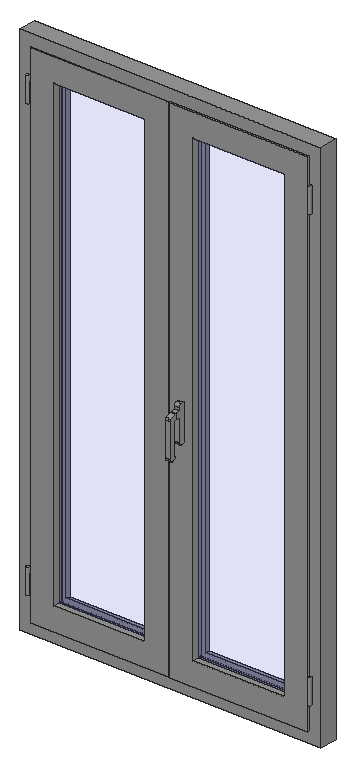
Revit family "2014_Ventana_Balconera-Practicable-2-Hojas_Alugom_Serie-ALG-75-Máxima", category Ventanas, Revit 2014
Parameters (values of type "Ventana 2 Hojas Balconeras 1230x2200 mm")
  URL Poliamida – Catálogo = "http://www.technoform.com/fileadmin/Technoform_Bautec/standardprofiles.html"
  URL Poliamida = "http://www.technoform.es/"
  PERFILES_16088H-Acople Inversora alg 75_Vertical = 1
  Configuración de poliamidas = "Poliamidas P66 GF25Technoform Bautec de la serie Standar. Referencias: 429300, 268400, 425100, 380000 "  # constant formula
  Apertura Balconera [instance] = yes
  Uniclass 2.0 Descripción = "Door and window systems"  # constant formula
  Uniclass 2.0 Código = "25-30"  # constant formula
  URL Producto = "http://www.alugom.com/Catalogo/tabid/336/ProdID/31/Language/es-ES/CatID/2/ventana_practicable_de_camara_europea_de_75_mm_con_RPT.aspx"
  URL = "http://www.alugom.com/"
  UNSPSC Código = "Windows"  # constant formula
  UNSPSC Categoría = "30171600"  # constant formula
  Transmitancia térmica** = "1.3 W(m²K)"  # constant formula
  Teléfono de Contacto = "+34 91 616 47 27"  # constant formula
  Sección de Marco = 75.00 mm  # constant formula
  Sección de Hoja = 82.00 mm  # constant formula
  Resistencia al viento* = "CLASE C5"  # constant formula
  Poliamida = Poliamida, Technoform Bautec, PA66 GF 25
  Peso máxima por hoja [instance] = "120 Kg"
  Permeabilidad al aire* = "CLASE 4"  # constant formula
  PERFILES_Junquillo 22mm_Vertical = 4
  PERFILES_Junquillo 22mm_Horizontal = 4
  PERFILES_8428-Vierteaguas_Horizontal = 2
  PERFILES_8412-Pletina falleba_Vertical = 0
  PERFILES_16---H-Cerco balconera alg 75_Vertical = 2
  PERFILES_16---H-Cerco balconera alg 75_Horizontal = 2
  PERFILES_16---H-Hoja balconera alg 75_Vertical = 4
  PERFILES_16---H-Hoja balconera alg 75_Horizontal = 4
  Omniclass Título = "Casment Window"  # constant formula
  Omniclass Código = "23.30.20.17.21.21"  # constant formula
  Modelo = "Serie ALG 75 MAXIMA"  # constant formula
  Masterformat Descripción = "Aluminium Windows"  # constant formula
  Masterformat Código = "08 51 13"  # constant formula
  Marco = Aluminio
  Manija [instance] = yes
  Línea Proyección = (Anchura Real - (2 * 39.25 mm)) / 2  # 575.75 mm
  IFC Clasificación = ""
  Grosor Acristalamiento Control = if(Grosor Acristalamiento < 26.50 mm, 26.50 mm, if(Grosor Acristalamiento > 60.50 mm, 60.50 mm, Grosor Acristalamiento))  # 39.00 mm
  Grosor Acristalamiento = 39.00 mm
  Fecha Revisión de Contenido = "21/10/2015"  # constant formula
  Fecha de Caducidad de la Información = "01/01/2016"  # constant formula
  Fabricante = "Grupo ALUGOM"  # constant formula
  Estanqueidad al aire* = "CLASE E1650"  # constant formula
  Email de Contacto = "alugom@alugom.com"  # constant formula
  Detalle Perfileria 16---H Cerco + 16---H Hoja + 16088H Acople [instance] = yes
  Desfase Interior Real [instance] = Desfase Interior + 75.00 mm  # 75.00 mm
  Desfase Interior [instance] = 0.00 mm
  Descripción = "Ventana 2 hojas balconeras con rotura de puente térmico"  # constant formula
  Creado por = "Bimetica Parametric Design Services S.L."  # constant formula
  Comentarios de tipo = "UNA VENTANA TOP CON LA EFICIENCIA ENERGETICA DEL FUTURO\r\nCon la nueva ALG 75 MAXIMA y su valor medio Uf de 1,26 W/m2K el ahorro en calefacción está asegurado. Este sistema de carpintería posee una eficiencia energética mayor que muchas ventanas de PVC o madera, satisfaciendo los requisitos mas exigentes en aislamiento térmico. Y todo ello, sin renunciar a las ventajas de resistencia, durabilidad, elegancia y posibilidades de diseño del aluminio. Estos increíbles valores de aislamiento térmico se consiguen mediante las poliamidas de 'alas' y 'celdas', la doble junta central y la colocación de 'foam' por debajo del cristal.\r\nSe trata de un sistema de carpintería de tres cámaras con rotura de puente térmico para puertas y ventanas, que con un diseño robusto, una gran versatilidad  y un alto aislamiento térmico, está especialmente diseñado para que el montaje sea fácil. La hoja de 81 mm de esta ventana permite hasta 60 mm de galce, pudiéndose realizar grandes ventanales para mejorar el confort y la luminosidad de las viviendas o edificios. \r\n\r\nVentana de elegante sofisticación ideal para quien busque una arquitectura sostenible con un diseño vanguardista."  # constant formula
  COBie Categoría = ""
  Bimetica = "http://www.bimetica.com"
  Anchura Real = if(Anchura < 500.00 mm, 500.00 mm, if(Anchura > 3400.00 mm, 3400.00 mm, Anchura))  # 1230.00 mm
  Altura Real = if(Altura < 500.00 mm, 500.00 mm, if(Altura > 2500.00 mm, 2500.00 mm, Altura))  # 2200.00 mm
  Altura Manija [instance] = 1000.00 mm
  Altura Cristal = Altura - 126.00 mm  # 2074.00 mm
  Altura Hoja = Altura - 27.00 mm  # 2173.00 mm
  Altura = 2200.00 mm
  Altura de antepecho por defecto = 0.00 mm
  Cierre de muro = Por anfitrión
  Anchura = 1230.00 mm
  Aislamiento acústico*** = "44 (-1,-5) dB"  # constant formula
  Acristalamiento = Vidrio
  ACCESORIOS_5105-Ángulo vulcanizado junta central = 8
  ACCESORIOS_5099-Tapas acople inversora alg 75 = 1
  ACCESORIOS_5085 Junta perimetral hoja alg (L) = 2
  ACCESORIOS_5085 Junta perimetral hoja alg (H) = 4
  ACCESORIOS_5079-Manilla Inox recta = 1
  ACCESORIOS_5074-Refuerzo junta central (L) = 2
  ACCESORIOS_5074-Refuerzo junta central (H) = 3
  ACCESORIOS_5073-Junta central alg (L) = 2
  ACCESORIOS_5073-Junta central alg (H) = 3
  ACCESORIOS_4850-Junta exterior acrist. c/alas (L) = 2
  ACCESORIOS_4850-Junta exterior acrist. c/alas (H) = 4
  ACCESORIOS_5104-Escuadra balconera = 12
  ACCESORIOS_4739-Terminal pletina metálico = 2
  ACCESORIOS_4720-Cerradero lateral doble = 2
  ACCESORIOS_4710-Escuadra alineamiento (14mm) = 20
  ACCESORIOS_4613-Mecanismo cuadradillo pract. = 1
  ACCESORIOS_4390-Bisagra pract. = 2
  ACCESORIOS_4337-Embellecedor salida agua = 2
  ACCESORIOS_4008-Patín apoyo hoja = 1
  ACCESORIOS_1306-Escuadra exterior = 12
  *** Info = "Ventana de 2 hojas de 1230x1480 mm; Vidrio Rw: 40 (-2,-6) dB"  # constant formula
  ** Info = "Ventana de 1 hoja de 1230x1480 mm; Vidrio Uv: 0,7W(m²K) "  # constant formula
  * Info = "Ventana de 2 hojas de 1230x1480 mm"  # constant formula
Reference planes
  plane 1 "Centro (Frontal/Posterior)": y = 0
  plane 2 "Centro (Izquierda/Derecha)": x = 0
  plane 3 "Izquierda": x = -615
  plane 4 "Derecha": x = 615
  plane 5 "Antepecho": z = 0
  plane 6 "Extremo inicial": z = 2200
  plane 7 "Exterior": y = 100
  plane 8 "Interior": y = -100
  plane 9 "centro carpinteria": y = -25
  plane 10 "Manija": x = 49.942
  plane 11 "altura Manija": z = 1000
Forms (mm)
  Sweep 1, solid, material "Aluminio" <- "Marco", detail levels medium+fine
    path origin (0, -25, 0) x (-1, 0, 0) y (0, 0, 1)
      loop
        line (-615, 2200) -> (-615, 0) -> (615, 0) -> (615, 2200) -> (-615, 2200)
    profile origin (615, -25, 1100) x (0, 1, 0) y (-1, 0, 0)
      loop
        line (0, 0) -> (0, 76) -> (-4, 76) -> (-4, 54) -> (-75, 54) -> (-75, 0) -> (0, 0)
  Sweep 2, solid, material "Aluminio" <- "Marco", detail levels medium+fine
    path origin (0, -25, 0) x (-1, 0, 0) y (0, 0, 1)
      loop
        line (-44.33, 0) -> (614.2, 0) -> (614.2, 2200) -> (-44.33, 2200) -> (-44.33, 0)
    profile origin (44.33, -25, 1100) x (1, 0, 0) y (0, 1, 0)
      loop
        line (-63.582, -48.401) -> (-63.582, -16) -> (-74.775, -16) -> (-74.775, -6.4) -> (-71.809, -6.4) -> (-71.809, -5) -> (-81.306, -5) -> (-81.306, 0) -> (-141.294, 0) -> (-141.294, -16.2) -> (-119.812, -16.2) -> (-119.812, -35.7) -> (-119.812, -55.2) -> (-141.812, -55.2) -> (-141.812, -82) -> (-47.312, -82) -> (-47.312, -78.5) -> (-64.814, -78.5) -> (-64.814, -53.6) -> (-72.778, -53.6) -> (-72.778, -48.401) -> (-63.582, -48.401)
  Extrusion 3, solid, material "Vidrio" <- "Acristalamiento"
    sketch origin (-48.05, 0, 0) x (0, -1, 0) y (1, 0, 0)
      loop
        line (41.2, -440.95) -> (80.2, -440.95) -> (80.2, -31.142) -> (60.7, -31.142) -> (41.2, -31.142) -> (41.2, -440.95)
      loop
        line (41.2, 537.05) -> (41.2, 127.242) -> (80.2, 127.242) -> (80.2, 537.05) -> (60.7, 537.05) -> (41.2, 537.05)
    from 126 to 2074 <- "Altura Cristal"
  Extrusion 4, solid, material "Aluminio" <- "Marco", visible <- "Manija", detail levels fine
    sketch origin (0, 0, 0) x (0, -1, 0) y (1, 0, 0)
      loop
        arc (101.388, -577.904) -> (114.477, -578.41) -> (104.842, -569.538) r 6.979
        arc (104.842, -569.538) -> (103.415, -569.377) -> (103.009, -568) r 1.298
        line (103.009, -568) -> (103.009, -553.199) -> (103.886, -552.322) -> (103.886, -546.807) -> (101.986, -546.807) -> (101.986, -549.498) -> (78.764, -549.498) -> (78.764, -561) -> (100, -561) -> (100, -573.631) -> (101.388, -577.904)
    from 150 to 250
  Extrusion 5, solid, material "Aluminio" <- "Marco", visible <- "Manija", detail levels fine
    sketch origin (0, 0, 2200) x (0, -1, 0) y (1, 0, 0)
      loop
        arc (101.388, -577.904) -> (114.477, -578.41) -> (104.842, -569.538) r 6.979
        arc (104.842, -569.538) -> (103.415, -569.377) -> (103.009, -568) r 1.298
        line (103.009, -568) -> (103.009, -553.199) -> (103.886, -552.322) -> (103.886, -546.807) -> (101.986, -546.807) -> (101.986, -549.498) -> (78.764, -549.498) -> (78.764, -561) -> (100, -561) -> (100, -573.631) -> (101.388, -577.904)
    from -150 to -250
  Extrusion 6, solid, material "Aluminio" <- "Marco", visible <- "Manija", detail levels fine
    sketch origin (49.942, 0, 0) x (0, -1, 0) y (0, 0, 1)
      loop
        line (107, 925) -> (117, 925)
        arc (117, 925) -> (124.071, 927.929) -> (127, 935) r 10
        line (127, 935) -> (127, 1025.581) -> (145.126, 1028.452) -> (145.126, 1048.452) -> (127, 1051.323) -> (127, 1065)
        arc (127, 1065) -> (124.071, 1072.071) -> (117, 1075) r 10
        line (117, 1075) -> (107, 1075) -> (107, 925)
    from -10 to 10
  Extrusion 7, solid, material "Aluminio" <- "Marco", visible <- "Manija", detail levels fine
    sketch origin (49.942, 0, 0) x (0, -1, 0) y (0, 0, 1)
      loop
        line (145.126, 1028.452) -> (155.126, 1028.452)
        arc (155.126, 1028.452) -> (158.662, 1026.988) -> (160.126, 1023.452) r 5
        line (160.126, 1023.452) -> (160.126, 902.519)
        arc (160.126, 902.519) -> (159.505, 884.55) -> (175.126, 893.452) r 10.295
        line (175.126, 893.452) -> (175.126, 1034.132)
        arc (175.126, 1034.132) -> (174.063, 1037.737) -> (171.473, 1040.461) r 8.011
        arc (171.473, 1040.461) -> (158.662, 1045.651) -> (145.126, 1048.452) r 76.54
        line (145.126, 1048.452) -> (145.126, 1028.452)
    from -10 to 10
  Sweep 8, solid, material "Aluminio" <- "Marco", detail levels medium+fine
    path origin (0, -25, 0) x (-1, 0, 0) y (0, 0, 1)
      loop
        line (-615, 2200) -> (-615, 0) -> (44.62, 0) -> (44.62, 2200) -> (-615, 2200)
    profile origin (285.19, -25, 2200) x (0, 0, 1) y (0, 1, 0)
      loop
        line (-63.582, -48.401) -> (-63.582, -16) -> (-74.775, -16) -> (-74.775, -6.4) -> (-71.809, -6.4) -> (-71.809, -5) -> (-81.306, -5) -> (-81.306, 0) -> (-142.511, 0) -> (-142.511, -16.2) -> (-119.812, -16.2) -> (-119.812, -35.7) -> (-119.812, -55.2) -> (-142.511, -55.2) -> (-142.511, -82) -> (-47.312, -82) -> (-47.312, -78.5) -> (-64.814, -78.5) -> (-64.814, -53.6) -> (-72.778, -53.6) -> (-72.778, -48.401) -> (-63.582, -48.401)
  Extrusion 9, solid, material "Aluminio" <- "Marco", detail levels medium+fine
    sketch origin (0, 0, 0) x (0, -1, 0) y (1, 0, 0)
      loop
        line (30, -30.762) -> (30, -27.189) -> (31.4, -27.189) -> (31.4, -28.962) -> (38.401, -28.962) -> (38.401, -18.962) -> (73.401, -18.962) -> (73.401, -20.194) -> (103.5, -20.194) -> (103.5, -2.987) -> (100, -2.987) -> (100, 9.266) -> (36.759, 9.266) -> (36.759, 1.505) -> (29, 1.505) -> (29, 31.132) -> (25, 31.132) -> (25, -30.762) -> (30, -30.762)
    from 76 to 2124
  Extrusion 10, solid, material "Aluminio" <- "Marco", visible <- "Manija", detail levels fine
    sketch origin (0, 0, 0) x (0, -1, 0) y (1, 0, 0)
      loop
        line (101.388, 577.904) -> (100, 573.631) -> (100, 561) -> (78.764, 561) -> (78.764, 549.498) -> (101.986, 549.498) -> (101.986, 546.807) -> (103.886, 546.807) -> (103.886, 552.322) -> (103.009, 553.199) -> (103.009, 568)
        arc (103.009, 568) -> (103.415, 569.377) -> (104.842, 569.538) r 1.298
        arc (104.842, 569.538) -> (114.477, 578.41) -> (101.388, 577.904) r 6.979
    from 150 to 250
  Extrusion 11, solid, material "Aluminio" <- "Marco", visible <- "Manija", detail levels fine
    sketch origin (0, 0, 2200) x (0, -1, 0) y (1, 0, 0)
      loop
        line (101.388, 577.904) -> (100, 573.631) -> (100, 561) -> (78.764, 561) -> (78.764, 549.498) -> (101.986, 549.498) -> (101.986, 546.807) -> (103.886, 546.807) -> (103.886, 552.322) -> (103.009, 553.199) -> (103.009, 568)
        arc (103.009, 568) -> (103.415, 569.377) -> (104.842, 569.538) r 1.298
        arc (104.842, 569.538) -> (114.477, 578.41) -> (101.388, 577.904) r 6.979
    from -150 to -250
  Extrusion 12, solid, material "Aluminio" <- "Marco", detail levels coarse
    sketch origin (0, 0, 0) x (0, -1, 0) y (1, 0, 0)
      loop
        line (25, -96.964) -> (107, -96.964) -> (107, 97.891) -> (25, 97.891) -> (25, -96.964)
    from 142.511 to 2058.706
  Extrusion 13, solid, material "Aluminio" <- "Marco", detail levels coarse
    sketch origin (0, -25, 0) x (-1, 0, 0) y (0, 0, 1)
      loop
        line (-615, 2200) -> (-615, 0) -> (615, 0) -> (615, 2200) -> (-615, 2200)
      loop
        line (-472.489, 2057.489) -> (-472.489, 142.511) -> (472.388, 142.511) -> (472.388, 2057.489) -> (-472.489, 2057.489)
    from 0 to -82
Lines and regions (mm)
  Opening 1
    outline origin (3500, -100, 0) x (1, 0, 0) y (0, 0, 1)
      loop
        line (-2885, 0) -> (-2885, 2200) -> (-4115, 2200) -> (-4115, 0) -> (-2885, 0)
  symbolic lines, style "Batiente de plano", visible <- "Apertura Balconera"
    curve 1: line (-575.748, -108.026, 0) -> (-575.748, -683.776, 0)
    curve 4: arc (-575.748, -683.776, 0) -> (-168.631, -515.142, 0) -> (0.002, -108.026, 0) r 575.75
    curve 19: arc (575.748, -683.776, 0) -> (168.631, -515.142, 0) -> (-0.002, -108.026, 0) r 575.75
    curve 20: line (575.748, -108.04, 0) -> (575.748, -683.79, 0)
  symbolic lines, style "Batiente de alzado", visible <- "Apertura Balconera"
    curve 2: line (-615, -25, 2200) -> (0, -25, 1100)
    curve 3: line (0, -25, 1100) -> (-615, -25, 0)
    curve 23: line (615, -25, 2200) -> (0, -25, 1100)
    curve 24: line (0, -25, 1100) -> (615, -25, 0)
  symbolic lines, style "WindowsGlassProjection", detail levels medium+fine
    curve 5: line (-489, -75.2, 0) -> (-79.192, -75.2, 0)
    curve 6: line (-79.192, -46.2, 0) -> (-489, -46.2, 0)
    curve 7: line (-79.192, -58.2, 0) -> (-489, -58.2, 0)
    curve 8: line (-79.192, -63.2, 0) -> (-489, -63.2, 0)
    curve 9: line (-615, -46.2, 2074) -> (-615, -46.2, 126)
    curve 10: line (-615, -58.2, 2074) -> (-615, -58.2, 126)
    curve 11: line (-615, -63.2, 2074) -> (-615, -63.2, 126)
    curve 12: line (-615, -75.2, 2074) -> (-615, -75.2, 126)
    curve 13: line (-489, -41.2, 0) -> (-489, -80.2, 0)
    curve 14: line (-79.192, -41.2, 0) -> (-79.192, -80.2, 0)
    curve 15: line (79.192, -75.2, 0) -> (489, -75.2, 0)
    curve 16: line (489, -46.2, 0) -> (79.192, -46.2, 0)
    curve 17: line (489, -58.2, 0) -> (79.192, -58.2, 0)
    curve 18: line (489, -63.2, 0) -> (79.192, -63.2, 0)
    curve 21: line (79.192, -41.2, 0) -> (79.192, -80.2, 0)
    curve 22: line (489, -41.2, 0) -> (489, -80.2, 0)
Text (mm)
  text "EXTERIOR" at (-1963.203, 1332.353, 0), in view "Nivel de referencia"
  text "INTERIOR" at (-1981.466, -818.386, 0), in view "Nivel de referencia"
  text "Exterior" at (0, 923.751, 2943.296), in view "Derecha"
  text "Exterior" at (0, 1040.484, 2685.409), in view "Izquierda"
Dimensions and locks
  equal spacing: plane 3 "Izquierda", plane 2 "Centro (Izquierda/Derecha)", plane 4 "Derecha"
  "Anchura Real": plane 3 "Izquierda" to plane 4 "Derecha"
  "Altura Real": plane 5 "Antepecho" to plane 6 "Extremo inicial"
  "Altura de antepecho por defecto": plane 5 "Antepecho" to level
  locked: plane 7 "Exterior" to host wall at 0
  locked: plane 8 "Interior" to host wall
  equal spacing: plane 6 "Extremo inicial", curve 3, plane 5 "Antepecho"
  "Desfase Interior Real": plane 9 "centro carpinteria" to plane 8 "Interior"
  "Línea Proyección": curve 1 to curve 1
  locked: plane 3 "Izquierda" to curve 4 at 39.252
  locked: plane 3 "Izquierda" to Extrusion 3 sketch curve at 126
  plane 3 "Izquierda" to Extrusion 4 sketch curve to Extrusion 4 sketch curve to Extrusion 4 sketch curve to Extrusion 4 sketch curve to Extrusion 4 sketch curve to Extrusion 4 sketch curve to Extrusion 4 sketch curve to Extrusion 4 sketch curve = 39.252 mm locked, 2.116 mm locked, 5.249 mm locked, 7.383 mm locked, 7.801 mm locked, 0.877 mm locked, 2.823 mm locked, 2.691 mm locked
  plane 9 "centro carpinteria" to Extrusion 4 sketch curve to Extrusion 4 sketch curve to Extrusion 4 sketch curve to Extrusion 4 sketch curve to Extrusion 4 sketch curve to Extrusion 4 sketch curve to Extrusion 4 sketch curve to Extrusion 4 sketch curve = 53.764 mm locked, 21.236 mm locked, 1.388 mm locked, 0.598 mm locked, 1.023 mm locked, 0.877 mm locked, 0.363 mm locked, 3.776 mm locked
  Extrusion 5 sketch curve to Extrusion 5 sketch curve to Extrusion 5 sketch curve to Extrusion 5 sketch curve to Extrusion 5 sketch curve to Extrusion 5 sketch curve to Extrusion 5 sketch curve to Extrusion 5 sketch curve = 2.116 mm locked, 5.249 mm locked, 7.383 mm locked, 7.801 mm locked, 0.877 mm locked, 2.823 mm locked, 2.691 mm locked
  Extrusion 5 sketch curve to Extrusion 5 sketch curve to Extrusion 5 sketch curve to Extrusion 5 sketch curve to Extrusion 5 sketch curve to Extrusion 5 sketch curve to Extrusion 5 sketch curve to Extrusion 5 sketch curve = 21.236 mm locked, 1.388 mm locked, 0.598 mm locked, 1.023 mm locked, 0.877 mm locked, 0.363 mm locked, 3.776 mm locked
  locked: plane 9 "centro carpinteria" to Extrusion 5 sketch curve at 53.764
  locked: plane 3 "Izquierda" to Extrusion 5 sketch curve at 39.252
  locked: plane 9 "centro carpinteria" to curve 4 at 83.026
  locked: plane 3 "Izquierda" to curve 1 at 39.252
  locked: plane 9 "centro carpinteria" to curve 1 at 83.026
  plane 9 "centro carpinteria" to curve 9 to curve 10 to curve 11 to curve 12 = 21.20 mm locked, 12.00 mm locked, 5.00 mm locked, 12.00 mm locked
  "Altura Manija": plane 5 "Antepecho" to plane 11 "altura Manija"
  plane 11 "altura Manija" to Extrusion 6 sketch curve to Extrusion 6 sketch curve to Extrusion 6 sketch curve to Extrusion 6 sketch curve to Extrusion 6 sketch curve to Extrusion 6 sketch curve = 25.581 mm locked, 2.871 mm locked, 20.00 mm locked, 2.871 mm locked, 13.677 mm locked, 10.00 mm locked
  Extrusion 6 sketch curve to Extrusion 6 sketch curve to plane 11 "altura Manija" = 10.00 mm locked, 65.00 mm locked
  plane 9 "centro carpinteria" to Extrusion 6 sketch curve to Extrusion 6 sketch curve to Extrusion 6 sketch curve to Extrusion 6 sketch curve = 82.00 mm locked, 10.00 mm locked, 10.00 mm locked, 18.126 mm locked
  locked: plane 9 "centro carpinteria" to Extrusion 6 sketch curve at 102
  plane 11 "altura Manija" to Extrusion 7 sketch curve to Extrusion 7 sketch curve to Extrusion 7 sketch curve to Extrusion 7 sketch curve = 23.452 mm locked, 5.00 mm locked, 5.28 mm locked, 14.72 mm locked
  Extrusion 7 sketch curve to Extrusion 7 sketch curve to Extrusion 7 sketch curve to plane 11 "altura Manija" = 9.158 mm locked, 69.888 mm locked, 27.593 mm locked
  plane 9 "centro carpinteria" to Extrusion 7 sketch curve to Extrusion 7 sketch curve to Extrusion 7 sketch curve to Extrusion 7 sketch curve to Extrusion 7 sketch curve to Extrusion 7 sketch curve to Extrusion 7 sketch curve = 111.444 mm locked, 8.682 mm locked, 10.00 mm locked, 5.00 mm locked, 4.705 mm locked, 2.294 mm locked, 8.001 mm locked
  equal spacing: Sweep 2 sketch curve, Sweep 2 sketch curve, Sweep 2 sketch curve
  "Grosor Acristalamiento Control": Sweep 2 sketch curve to Sweep 2 sketch curve
  Sweep 1 sketch curve to Sweep 1 sketch curve to profile plane = 22.00 mm locked, 54.00 mm locked
  profile plane to Sweep 1 sketch curve to Sweep 1 sketch curve = 4.00 mm locked, 71.00 mm locked
  Sweep 2 sketch curve to Sweep 2 sketch curve to Sweep 2 sketch curve to Sweep 2 sketch curve to Sweep 2 sketch curve to Sweep 2 sketch curve to Sweep 2 sketch curve to Sweep 2 sketch curve to Sweep 2 sketch curve to Sweep 2 sketch curve to Sweep 2 sketch curve to profile plane = 0.518 mm locked, 21.482 mm locked, 0.00 mm locked, 38.505 mm locked, 6.532 mm locked, 1.997 mm locked, 0.969 mm locked, 6.995 mm locked, 1.232 mm locked, 16.27 mm locked, 47.312 mm locked
  profile plane to Sweep 2 sketch curve to Sweep 2 sketch curve to Sweep 2 sketch curve to Sweep 2 sketch curve to Sweep 2 sketch curve to Sweep 2 sketch curve to Sweep 2 sketch curve to Sweep 2 sketch curve = 5.00 mm locked, 1.40 mm locked, 9.60 mm locked, 19.70 mm, 12.701 mm, 5.199 mm locked, 24.90 mm locked, 3.50 mm locked
  locked: plane 3 "Izquierda" to curve 13 at 126
  locked: plane 2 "Centro (Izquierda/Derecha)" to Sweep 2 sketch curve at 44.33
  locked: Sweep 8 sketch curve to plane 2 "Centro (Izquierda/Derecha)" at 44.62
  Sweep 8 sketch curve to Sweep 8 sketch curve to Sweep 8 sketch curve to Sweep 8 sketch curve to Sweep 8 sketch curve to Sweep 8 sketch curve to Sweep 8 sketch curve to plane 9 "centro carpinteria" = 3.50 mm locked, 24.90 mm locked, 5.199 mm locked, 32.401 mm locked, 9.60 mm locked, 1.40 mm locked, 5.00 mm locked
  equal spacing: Sweep 8 sketch curve, Sweep 8 sketch curve, Sweep 8 sketch curve
  "Grosor Acristalamiento Control": Sweep 8 sketch curve to Sweep 8 sketch curve
  locked: Sweep 8 sketch curve to plane 9 "centro carpinteria" at 35.7
  Sweep 8 sketch curve to Sweep 8 sketch curve to Sweep 8 sketch curve to Sweep 8 sketch curve to plane 6 "Extremo inicial" = 7.964 mm locked, 1.232 mm locked, 16.27 mm locked, 47.312 mm locked
  Sweep 8 sketch curve to Sweep 8 sketch curve to Sweep 8 sketch curve to plane 6 "Extremo inicial" = 6.532 mm locked, 2.966 mm locked, 71.809 mm locked
  Sweep 8 sketch curve to Sweep 8 sketch curve to Sweep 8 sketch curve to Sweep 8 sketch curve to plane 6 "Extremo inicial" = 0.00 mm locked, 22.699 mm locked, 0.00 mm locked, 119.812 mm locked
  locked: plane 2 "Centro (Izquierda/Derecha)" to Extrusion 3 sketch curve at 79.192
  Extrusion 9 sketch curve to Extrusion 9 sketch curve to Extrusion 9 sketch curve to Extrusion 9 sketch curve to Extrusion 9 sketch curve to Extrusion 9 sketch curve to plane 2 "Centro (Izquierda/Derecha)" = 1.801 mm locked, 1.773 mm locked, 6.995 mm locked, 1.232 mm locked, 15.975 mm locked, 2.987 mm locked
  plane 2 "Centro (Izquierda/Derecha)" to Extrusion 9 sketch curve to Extrusion 9 sketch curve to Extrusion 9 sketch curve = 1.505 mm locked, 7.761 mm locked, 21.867 mm locked
  plane 9 "centro carpinteria" to Extrusion 9 sketch curve to Extrusion 9 sketch curve to Extrusion 9 sketch curve to Extrusion 9 sketch curve = 4.00 mm locked, 7.759 mm locked, 63.241 mm locked, 3.50 mm locked
  plane 9 "centro carpinteria" to Extrusion 9 sketch curve to Extrusion 9 sketch curve to Extrusion 9 sketch curve to Extrusion 9 sketch curve = 5.00 mm locked, 1.40 mm locked, 7.001 mm locked, 35.00 mm locked
  locked: Extrusion 9 to level at 76
  locked: Extrusion 9 to plane 6 "Extremo inicial" at 76
  plane 4 "Derecha" to Extrusion 10 sketch curve to Extrusion 10 sketch curve to Extrusion 10 sketch curve to Extrusion 10 sketch curve to Extrusion 10 sketch curve to Extrusion 10 sketch curve to Extrusion 10 sketch curve to Extrusion 10 sketch curve = 39.252 mm locked, 2.116 mm locked, 5.249 mm locked, 7.383 mm locked, 7.801 mm locked, 0.877 mm locked, 2.823 mm locked, 2.691 mm locked
  plane 9 "centro carpinteria" to Extrusion 10 sketch curve to Extrusion 10 sketch curve to Extrusion 10 sketch curve to Extrusion 10 sketch curve to Extrusion 10 sketch curve to Extrusion 10 sketch curve to Extrusion 10 sketch curve to Extrusion 10 sketch curve = 53.764 mm locked, 21.236 mm locked, 1.388 mm locked, 0.598 mm locked, 1.023 mm locked, 0.877 mm locked, 0.363 mm locked, 3.776 mm locked
  Extrusion 11 sketch curve to Extrusion 11 sketch curve to Extrusion 11 sketch curve to Extrusion 11 sketch curve to Extrusion 11 sketch curve to Extrusion 11 sketch curve to Extrusion 11 sketch curve to Extrusion 11 sketch curve = 2.116 mm locked, 5.249 mm locked, 7.383 mm locked, 7.801 mm locked, 0.877 mm locked, 2.823 mm locked, 2.691 mm locked
  Extrusion 11 sketch curve to Extrusion 11 sketch curve to Extrusion 11 sketch curve to Extrusion 11 sketch curve to Extrusion 11 sketch curve to Extrusion 11 sketch curve to Extrusion 11 sketch curve to Extrusion 11 sketch curve = 21.236 mm locked, 1.388 mm locked, 0.598 mm locked, 1.023 mm locked, 0.877 mm locked, 0.363 mm locked, 3.776 mm locked
  locked: plane 6 "Extremo inicial" to Extrusion 5 at 150
  locked: plane 6 "Extremo inicial" to Extrusion 5 at 250
  plane 6 "Extremo inicial" to Extrusion 5 to Extrusion 5 = 150.00 mm locked, 100.00 mm locked
  plane 6 "Extremo inicial" to Extrusion 11 to Extrusion 11 = 150.00 mm locked, 100.00 mm locked  (x2)
  Extrusion 10 to Extrusion 10 to level = 100.00 mm locked, 150.00 mm locked  (x2)
  Extrusion 4 to Extrusion 4 to level = 100.00 mm locked, 150.00 mm locked  (x2)
  locked: plane 2 "Centro (Izquierda/Derecha)" to plane 10 "Manija" at 49.942
  Extrusion 3 to curve 16 = 5.00 mm
  locked: Extrusion 3 to curve 15 at 5
  plane 9 "centro carpinteria" to curve 17 to curve 18 = 33.20 mm locked, 5.00 mm
  locked: Extrusion 3 to curve 5 at 5
  locked: Extrusion 3 to curve 6 at 5
  plane 9 "centro carpinteria" to curve 7 to curve 8 = 33.20 mm locked, 5.00 mm locked
  locked: curve 19 to plane 4 "Derecha" at 39.252
  locked: plane 2 "Centro (Izquierda/Derecha)" to Extrusion 3 at 79.192
  locked: plane 9 "centro carpinteria" to curve 19 at 83.026
  locked: plane 9 "centro carpinteria" to curve 20 at 83.04
  "Línea Proyección": curve 20 to curve 20
  plane 9 "centro carpinteria" to Extrusion 3 sketch curve = 35.70 mm
  "Grosor Acristalamiento Control": Extrusion 3 sketch curve to Extrusion 3 sketch curve  (x2)
  locked: plane 9 "centro carpinteria" to Extrusion 3 sketch curve at 35.7
  locked: Extrusion 3 to curve 16 at 5
  plane 9 "centro carpinteria" to Sweep 2 sketch curve = 35.70 mm
  locked: plane 3 "Izquierda" to Sweep 2 sketch curve at 0.8
  Extrusion 12 sketch curve to plane 2 "Centro (Izquierda/Derecha)" to Extrusion 12 sketch curve = 96.964 mm locked, 97.891 mm locked
  locked: plane 9 "centro carpinteria" to Extrusion 12 sketch curve at 82
  locked: plane 5 "Antepecho" to Extrusion 12 at 142.511
  locked: Extrusion 12 to plane 6 "Extremo inicial" at 141.294
  locked: Extrusion 13 sketch curve to plane 4 "Derecha" at 142.511
  locked: plane 3 "Izquierda" to Extrusion 13 sketch curve at 142.612
  locked: plane 9 "centro carpinteria" to Extrusion 13 at 82
  curve 15 to curve 22 = 5.00 mm
  locked: curve 22 to plane 4 "Derecha" at 126
  locked: curve 14 to plane 2 "Centro (Izquierda/Derecha)" at 79.192
  locked: plane 3 "Izquierda" to Extrusion 3 at 126
  "Línea Proyección": radius of curve 4
  "Línea Proyección": radius of curve 19
  aligned and locked: Sweep 2 sketch curve to plane 5 "Antepecho"
  aligned and locked: plane 3 "Izquierda" to curve 2
  aligned and locked: plane 3 "Izquierda" to curve 3
  aligned and locked: plane 6 "Extremo inicial" to curve 2
  aligned and locked: profile plane to Sweep 1 sketch curve
  aligned and locked: Sweep 1 sketch curve to profile plane
  aligned and locked: Extrusion 3 to curve 9  (x2)
  aligned and locked: Extrusion 3 to curve 10  (x2)
  aligned and locked: Extrusion 3 to curve 11  (x2)
  aligned and locked: Extrusion 3 to curve 12  (x2)
  aligned and locked: profile plane to Sweep 2 sketch curve
  aligned and locked: plane 6 "Extremo inicial" to Sweep 8 sketch curve
  aligned and locked: plane 4 "Derecha" to Sweep 8 sketch curve
  aligned and locked: level to Sweep 8 sketch curve
  aligned and locked: Sweep 8 sketch curve to plane 9 "centro carpinteria"
  aligned and locked: plane 2 "Centro (Izquierda/Derecha)" to curve 3
  aligned and locked: Extrusion 3 to curve 16
  aligned and locked: Extrusion 3 to curve 17
  aligned and locked: Sweep 8 to curve 21
  aligned and locked: plane 4 "Derecha" to curve 23
  aligned and locked: plane 4 "Derecha" to curve 24
  aligned and locked: plane 9 "centro carpinteria" to nested 1
  aligned and locked: plane 3 "Izquierda" to nested 2
  aligned and locked: nested 2 to plane 9 "centro carpinteria"
  aligned and locked: nested 3 to plane 6 "Extremo inicial"
  aligned and locked: nested 3 to plane 9 "centro carpinteria"
  aligned and locked: nested 4 to plane 5 "Antepecho"
  aligned and locked: plane 9 "centro carpinteria" to nested 4
  aligned and locked: plane 9 "centro carpinteria" to nested 5
  aligned and locked: plane 2 "Centro (Izquierda/Derecha)" to nested 5
  aligned and locked: Extrusion 11 sketch curve to Extrusion 10
  aligned and locked: plane 4 "Derecha" to nested 1
  aligned and locked: Extrusion 12 sketch curve to plane 9 "centro carpinteria"
  aligned and locked: Extrusion 13 sketch curve to plane 3 "Izquierda"
  aligned and locked: plane 6 "Extremo inicial" to Extrusion 13 sketch curve
  aligned and locked: plane 4 "Derecha" to Extrusion 13 sketch curve
  aligned and locked: Extrusion 13 sketch curve to plane 5 "Antepecho"
  aligned and locked: plane 9 "centro carpinteria" to Extrusion 13
  aligned and locked: curve 22 to Extrusion 3
Automatic sketch dimensions
  Extrusion 7 sketch curve to Extrusion 7 sketch curve = 0.40 mm
  Extrusion 9 sketch curve to plane 9 "centro carpinteria" = 0.00 mm
  Opening 1 sketch curve to level = 0.00 mm
  plane 3 "Izquierda" to Opening 1 sketch curve = 0.00 mm
  plane 4 "Derecha" to Opening 1 sketch curve = 0.00 mm
  Opening 1 sketch curve to plane 6 "Extremo inicial" = 0.00 mm
  curve 24 to level = 0.00 mm
  curve 3 to level = 0.00 mm
  curve 23 to plane 6 "Extremo inicial" = 0.00 mm
  Sweep 1 sketch curve to level = 0.00 mm
  plane 4 "Derecha" to Sweep 1 sketch curve = 0.00 mm
  plane 3 "Izquierda" to Sweep 1 sketch curve = 0.00 mm
  Sweep 1 sketch curve to plane 6 "Extremo inicial" = 0.00 mm
  plane 4 "Derecha" to curve 20 = 39.252 mm
  Extrusion 4 sketch curve to Extrusion 4 sketch curve = 4.273 mm
  Extrusion 4 sketch curve to Extrusion 4 sketch curve = 0.383 mm
  Extrusion 5 sketch curve to Extrusion 5 sketch curve = 4.273 mm
  Extrusion 5 sketch curve to Extrusion 5 sketch curve = 0.383 mm
  Extrusion 10 sketch curve to Extrusion 10 sketch curve = 4.273 mm
  Extrusion 10 sketch curve to Extrusion 10 sketch curve = 0.383 mm
  Extrusion 11 sketch curve to plane 4 "Derecha" = 37.096 mm
  Extrusion 11 sketch curve to Extrusion 11 sketch curve = 2.157 mm
  Extrusion 11 sketch curve to Extrusion 11 sketch curve = 0.383 mm
  Sweep 2 sketch curve to plane 6 "Extremo inicial" = 0.00 mm
  level to Extrusion 13 sketch curve = 142.511 mm
  plane 6 "Extremo inicial" to Extrusion 13 sketch curve = 142.511 mm
  curve 13 to curve 6 = 5.00 mm
  curve 14 to curve 6 = 5.00 mm
  curve 5 to curve 13 = 5.00 mm
  curve 15 to curve 21 = 5.00 mm
  curve 5 to curve 14 = 5.00 mm
  Extrusion 3 sketch curve to plane 9 "centro carpinteria" = 16.20 mm  (x2)
  plane 2 "Centro (Izquierda/Derecha)" to Extrusion 3 sketch curve = 79.192 mm
  plane 4 "Derecha" to Extrusion 3 sketch curve = 126.00 mm
Nested families
  nested 1: "160--H Cerco balconera+160--H Hoja balconera" at (615, -25, 0) x (1, 0, 0) z (0, 0, -1), visible <- "Detalle Perfileria 16---H Cerco + 16---H Hoja + 16088H Acople", type "160--H Cerco balconera+160--H Hoja balconera", detail levels fine
  nested 2: "160--H Cerco balconera+160--H Hoja balconera" at (-615, -25, 0) x (-1, 0, 0) z (0, 0, -1), visible <- "Detalle Perfileria 16---H Cerco + 16---H Hoja + 16088H Acople", type "160--H Cerco balconera+160--H Hoja balconera", detail levels fine
  nested 3: "160--H Cerco balconera+160--H Hoja balconera" at (49.942, -25, 2200) x (0, 0, 1) z (-1, 0, 0), visible <- "Detalle Perfileria 16---H Cerco + 16---H Hoja + 16088H Acople", type "160--H Cerco balconera+160--H Hoja balconera", detail levels fine
  nested 4: "160--H Cerco balconera+160--H Hoja balconera" at (49.942, -25, 0) x (0, 0, -1) z (-1, 0, 0), visible <- "Detalle Perfileria 16---H Cerco + 16---H Hoja + 16088H Acople", type "160--H Cerco balconera+160--H Hoja balconera", detail levels fine
  nested 5: "160--H Acople inversora+160--H Hoja balconera" at (0, -25, 0) x (1, 0, 0) z (0, 0, -1), visible <- "Detalle Perfileria 16---H Cerco + 16---H Hoja + 16088H Acople", type "160--H Acople inversora+160--H Hoja balconera", detail levels fine
Definition of nested family "160--H Cerco balconera+160--H Hoja balconera"
  Reference planes
    plane 1: y = 0
    plane 2: x = 0
Definition of nested family "160--H Acople inversora+160--H Hoja balconera"
  Reference planes
    plane 1: y = 0
    plane 2: x = 0
